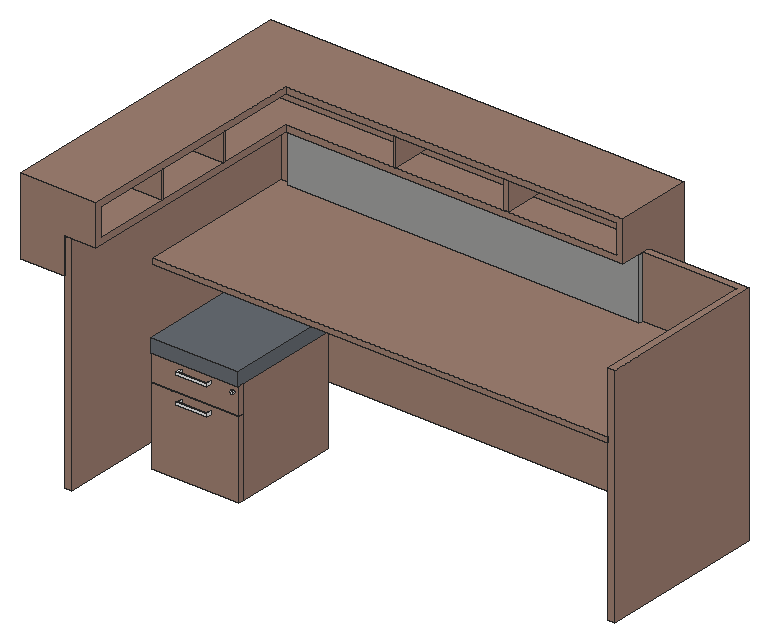
Revit family "T100013", category Furniture, Revit 2022
Family settings
  OmniClass Number = 23.40.20.00
  OmniClass Title = General Furniture and Specialties
  Work Plane-Based = No
  Always vertical = Yes
  Cut with Voids When Loaded = No
  Render Appearance Source = Family Geometry
  Shared = No
  Room Calculation Point = No
Parameters
  Default Elevation = 0' - 0"
Reference planes (in)
  plane 1 "Center Front/Back": y = 0
  plane 2: z = 0
  plane 3 "Center Left/Right": x = 0
Dimensions and locks (in)
  aligned and locked: level to plane 2
Nested families (in)
  nested 1: "OFS ELEMENT INTERIOR TACKBOARD FOR DESK WITH BOX" at (-15.48566, 36.95603, 0), type "ELEMENT INTERIOR TACKBOARD FT1134"
  nested 2: "OFS ELEMENT MOBILE PEDESTAL With Cushion" at (-35.28162, 20.92738, 0), type "ELEMENT MOBILE PEDESTAL With Cushion"
  nested 3: "OFS ELEMENT DESK SHELL WITH TRANSACTION BOX 84in Width" at (-8.04816, 27.38582, 0), type "ELEMENT DESK SHELL WITH TRANSACTION BOX RIGHT 84In"
    with Desk Overlay Option yes
Definition of nested family "OFS ELEMENT INTERIOR TACKBOARD FOR DESK WITH BOX"
  Parameters (values of type "ELEMENT INTERIOR TACKBOARD FT1134")
    Width 2 = 0' - 0 13/128"
    Width = 5' - 2 7/8"
    URL = "http://ofsbrands.com"
    Spacing = 0' - 0 13/128"
    Default Elevation = 0' - 0"
    3 Piece = no
    Depth = 0' - 0 1/2"
    Tackboard Material = none
    Model = "FT1134"
    Manufacturer = "OFS"
    Height = 0' - 10 7/8"
    Description = "OFS BRANDS OFS ELEMENT INTERIOR TACKBOARD FT1134 - Use with EL-B84SL, EL-B84SR, EL-B84LL48, EL-B84RL48, EL-B84LL60, EL-B84RL60, EL-B84LU48,\r\nEL-B84RU48, EL-B84LU60 and EL-B84RU60"
    Copyright © = "© OFS BRANDS 2018"
    Catalog = "http://ofs.com/products/casegoods/reception/element"
    Bottom Board Offset = 2' - 5 1/2"
    Authoring Version = "Autodesk Revit Architecture 2013"
    Assembly Code = "E2020200"
    2 Piece = no
    1 Piece = yes
  Types (11): name | Width 2 | Width | Spacing | 3 Piece | Model | Description | 2 Piece | 1 Piece
    (no name) | 0' - 0 13/128" | 5' - 2 7/8" | 0' - 0 13/128" | no | "FT1134" | "OFS BRANDS OFS ELEMENT INTERIOR TACKBOARD FT1134 - Use with EL-B84SL, EL-B84SR, EL-B84LL48, EL-B84RL48, EL-B84LL60, EL-B84RL60, EL-B84LU48,\r\nEL-B84RU48, EL-B84LU60 and EL-B84RU60" | no | yes
    ELEMENT INTERIOR TACKBOARD FT1131 | 2' - 8 15/16" | 11' - 5 31/32" | 0' - 0 1/16" | no | "FT1131" | "OFS BRANDS OFS ELEMENT INTERIOR TACKBOARD FT1131 - Use with EL-B72DC, Two 32.9375\"W Pieces" | yes | no
    ELEMENT INTERIOR TACKBOARD FT1135 | 0' - 10" | 2' - 8 15/16" | 0' - 0 1/16" | no | "FT1135" | "OFS BRANDS OFS ELEMENT INTERIOR TACKBOARD FT1135 - Use with EL-B72LL48C, EL-B72RL48C, EL-B72LL60C and EL-B72RL60C" | no | yes
    ELEMENT INTERIOR TACKBOARD FT1133 | 0' - 10" | 4' - 2 225/256" | 0' - 0 1/16" | no | "FT1133" | "OFS BRANDS OFS ELEMENT INTERIOR TACKBOARD FT1133 - Use with EL-B72SL, EL-B72SR, EL-B72LL48, EL-B72RL48, EL-B72LL60, EL-B72RL60, EL-B72LU48,\r\nEL-B72RU48, EL-B72LU60 and EL-B72RU60" | no | yes
    ELEMENT INTERIOR TACKBOARD FT1127 | 4' - 2 7/8" | 11' - 5 31/32" | 0' - 0 1/16" | no | "FT1127" | "OFS BRANDS OFS ELEMENT INTERIOR TACKBOARD FT1127 - Two 50.875\"W Pieces, Use with EL-B72D, EL-B72D48 and EL-B72D60" | yes | no
    ELEMENT INTERIOR TACKBOARD FT1129 | 4' - 2 7/8" | 17' - 5 3/4" | 3' - 0" | yes | "FT1129" | "OFS BRANDS OFS ELEMENT INTERIOR TACKBOARD FT1129 - Two 50.875\"W Pieces and One 35.875\"W Piece, Use with EL-B72T, EL-B72T48 and EL-B72T60" | yes | no
    ELEMENT INTERIOR TACKBOARD FT1136 | 0' - 0 13/128" | 3' - 8 15/16" | 0' - 0 13/128" | no | "FT1136" | "OFS BRANDS OFS ELEMENT INTERIOR TACKBOARD FT1136 - Use with EL-B84LL48C, EL-B84RL48C, EL-B84LL60C and EL-B84RL60C" | no | yes
    ELEMENT INTERIOR TACKBOARD FT1132 | 3' - 8 15/16" | 13' - 5 31/32" | 0' - 0 13/128" | no | "FT1132" | "OFS BRANDS OFS ELEMENT INTERIOR TACKBOARD FT1132 - Use with EL-B84DC, Two 44.9375\"W Pieces" | yes | no
    ELEMENT INTERIOR TACKBOARD FT1134 | 0' - 0 13/128" | 5' - 2 7/8" | 0' - 0 13/128" | no | "FT1134" | "OFS BRANDS OFS ELEMENT INTERIOR TACKBOARD FT1134 - Use with EL-B84SL, EL-B84SR, EL-B84LL48, EL-B84RL48, EL-B84LL60, EL-B84RL60, EL-B84LU48,\r\nEL-B84RU48, EL-B84LU60 and EL-B84RU60" | no | yes
    ELEMENT INTERIOR TACKBOARD FT1128 | 5' - 2 7/8" | 13' - 5 3/4" | 0' - 0 1/16" | no | "FT1128" | "OFS BRANDS OFS ELEMENT INTERIOR TACKBOARD FT1128 - Two 62.875\"W Pieces, Use with EL-B84D, EL-B84D48 and EL-B84D60" | yes | no
    ELEMENT INTERIOR TACKBOARD FT1130 | 5' - 2 7/8" | 20' - 5 3/4" | 3' - 0" | yes | "FT1130" | "OFS BRANDS OFS ELEMENT INTERIOR TACKBOARD FT1130 - Two 62.875\"W Pieces and One 47.875\"W Piece, Use with EL-B84T, EL-B84T48 and EL-B84T60" | yes | no
  Reference planes (in)
    plane 1 "Center Front/Back": y = 0
    plane 2: z = 0
    plane 3 "Center Left/Right": x = 0
    plane 4 "Left End": x = -31.4375
    plane 5 "Front End": y = -0.5
    plane 6 "Right End": x = 31.4375
    plane 7 "Height Top": z = 40.375
    plane 8: z = 29.5
    plane 9: x = -31.33594
    plane 10: x = 31.33594
    plane 11: x = -31.23437
    plane 12: x = 31.23438
  Forms (in)
    Extrusion 1, solid, material <- "Tackboard Material", visible <- "1 Piece"
      sketch origin (0, 0, 0) x (1, 0, 0) y (0, 0, 1)
        loop
          line (-31.4375, 40.375) -> (-31.4375, 29.5) -> (31.4375, 29.5) -> (31.4375, 40.375) -> (-31.4375, 40.375)
      from 0 to 0.5
    Extrusion 2, solid, material <- "Tackboard Material", visible <- "2 Piece"
      sketch origin (21.01601, -10.58254, 0) x (1, 0, 0) y (0, 0, 1)
        loop
          line (-52.45351, 40.375) -> (-52.45351, 29.5) -> (-52.35195, 29.5) -> (-52.35195, 40.375) -> (-52.45351, 40.375)
      from -10.58254 to -10.08254
    Extrusion 3, solid, material <- "Tackboard Material", visible <- "2 Piece"
      sketch origin (24.64124, -12.27301, 0) x (1, 0, 0) y (0, 0, 1)
        loop
          line (6.69469, 40.375) -> (6.69469, 29.5) -> (6.79626, 29.5) -> (6.79626, 40.375) -> (6.69469, 40.375)
      from -12.27301 to -11.77301
    Extrusion 4, solid, material <- "Tackboard Material", visible <- "3 Piece"
      sketch origin (31.88948, -14.32657, 0) x (1, 0, 0) y (0, 0, 1)
        loop
          line (-63.12385, 40.375) -> (-63.12385, 29.5) -> (-0.6551, 29.5) -> (-0.6551, 40.375) -> (-63.12385, 40.375)
      from -14.32657 to -13.82657
  Dimensions and locks (in)
    "Height": plane 7 "Height Top" to plane 8
    "Bottom Board Offset": plane 8 to level
    "Depth": plane 5 "Front End" to plane 1 "Center Front/Back"
    equal spacing: plane 4 "Left End", plane 3 "Center Left/Right", plane 6 "Right End"
    "Width": plane 4 "Left End" to plane 6 "Right End"
    "Width 2": plane 4 "Left End" to plane 9
    "Width 2": plane 10 to plane 6 "Right End"
    "Spacing": plane 9 to plane 11
    "Spacing": plane 10 to plane 12
    aligned and locked: level to plane 2
    aligned and locked: Extrusion 1 sketch curve to plane 7 "Height Top"
    aligned and locked: plane 4 "Left End" to Extrusion 1 sketch curve
    aligned and locked: Extrusion 1 sketch curve to plane 8
    aligned and locked: plane 6 "Right End" to Extrusion 1 sketch curve
    aligned and locked: Extrusion 1 to plane 5 "Front End"
    aligned and locked: Extrusion 1 to plane 1 "Center Front/Back"
    aligned and locked: Extrusion 2 to plane 1 "Center Front/Back"
    aligned and locked: Extrusion 2 to plane 4 "Left End"
    aligned and locked: Extrusion 2 to plane 5 "Front End"
    aligned and locked: plane 9 to Extrusion 2
    aligned and locked: Extrusion 3 to plane 1 "Center Front/Back"
    aligned and locked: plane 5 "Front End" to Extrusion 3
    aligned and locked: Extrusion 3 to plane 10
    aligned and locked: Extrusion 3 to plane 6 "Right End"
    aligned and locked: Extrusion 4 to plane 11
    aligned and locked: Extrusion 4 to plane 12
    aligned and locked: Extrusion 4 to plane 1 "Center Front/Back"
    aligned and locked: Extrusion 4 to plane 5 "Front End"
  Automatic sketch dimensions
    Extrusion 2 sketch curve to plane 4 "Left End" = 0' - 0"
    Extrusion 2 sketch curve to plane 8 = 0' - 0"
    Extrusion 2 sketch curve to plane 9 = 0' - 0"
    Extrusion 2 sketch curve to plane 7 "Height Top" = 0' - 0"
    Extrusion 3 sketch curve to plane 8 = 0' - 0"
    Extrusion 3 sketch curve to plane 10 = 0' - 0"
    plane 6 "Right End" to Extrusion 3 sketch curve = 0' - 0"
    Extrusion 3 sketch curve to plane 7 "Height Top" = 0' - 0"
    Extrusion 4 sketch curve to plane 8 = 0' - 0"
    Extrusion 4 sketch curve to plane 7 "Height Top" = 0' - 0"
    plane 11 to Extrusion 4 sketch curve = 0' - 0"
    plane 3 "Center Left/Right" to Extrusion 4 sketch curve = 2' - 7 15/64"
Definition of nested family "OFS ELEMENT MOBILE PEDESTAL With Cushion"
  Parameters (values of type "ELEMENT MOBILE PEDESTAL With Cushion")
    Default Elevation = 0' - 0"
    Cushion Material = none
    Width = 1' - 3 5/8"
    URL = "http://ofsbrands.com"
    Lateral Boads Thickness = 0' - 0 5/8"
    Frontboard Thickness = 0' - 0 3/4"
    Frontboard Space = 0' - 0 1/4"
    Drawer Handles Material = none
    Drawer Handle Width = 0' - 5 7/16"
    Drawer Handle Depth = 0' - 1"
    Drawer 2 Height = 0' - 7"
    Drawer 1 Height = 1' - 2 3/4"
    Door Gap = 0' - 0 1/8"
    Depth = 1' - 8"
    Model = "EL-3120MCPU/D"
    Manufacturer = "OFS"
    Height = 1' - 9 15/16"
    Description = "OFS BRANDS OFS ELEMENT MOBILE PEDESTAL Seat Cushion on Top of Unit"
    Cushion Thickness = 0' - 2 11/32"
    Copyright © = "© OFS BRANDS 2018"
    Chasis Material = none
    Catalog = "http://ofs.com/products/casegoods/reception/element"
    Casters Material = none
    Bottomboard Thickness = 0' - 0 15/16"
    Bottom Board Offset = 0' - 0 7/8"
    Backboard Thickness = 0' - 0 15/16"
    Authoring Version = "Autodesk Revit Architecture 2013"
    Assembly Code = "E2020200"
  Reference planes (in)
    plane 1 "Center Front/Back": y = 0
    plane 2: z = 0
    plane 3 "Center Left/Right": x = 0
    plane 4 "Left End": x = -7.8125
    plane 5 "Front End": y = -20
    plane 6 "Right End": x = 7.8125
    plane 7 "Height Top": z = 21.9375
    plane 8: z = 0.875
    plane 9: y = -0.9375
    plane 10: y = -19.75
    plane 11: x = 7.1875
    plane 12: x = -7.1875
    plane 13: y = -19
    plane 14: z = 1.8125
    plane 15: z = 19.59375
    plane 16: x = 0
    plane 17: x = -2.71875
    plane 18: x = 2.71875
    plane 19: y = -20.75
    plane 20: y = -22.31418
    plane 21: x = -2.46875
    plane 22: y = -20.5
    plane 23: x = 2.46875
    plane 24: z = 18.59375
    plane 25: z = 18.09375
    plane 26: z = 14.75
    plane 27: z = 14.625
    plane 28: z = 13.75
    plane 29: z = 13.25
    plane 30: z = 2.75
  Forms (in)
    Extrusion 1, solid, material <- "Chasis Material"
      sketch origin (-3.125, -5.41266, 0) x (1, 0, 0) y (0, 1, 0)
        loop
          line (-4.6875, 5.41266) -> (-4.6875, -13.58734) -> (-4.0625, -13.58734) -> (-4.0625, 5.41266) -> (-4.6875, 5.41266)
      from 0.875 to 19.59375
    Extrusion 2, solid, material <- "Chasis Material"
      sketch origin (37.875, -5.41266, 0) x (1, 0, 0) y (0, 1, 0)
        loop
          line (-30.6875, 5.41266) -> (-30.6875, -13.58734) -> (-30.0625, -13.58734) -> (-30.0625, 5.41266) -> (-30.6875, 5.41266)
      from 0.875 to 19.59375
    Extrusion 3, solid, material <- "Chasis Material"
      sketch origin (-5.10739, -10.02382, 0) x (1, 0, 0) y (0, 1, 0)
        loop
          line (-2.70511, -8.97618) -> (-2.70511, -9.72618) -> (12.91989, -9.72618) -> (12.91989, -8.97618) -> (-2.70511, -8.97618)
      from 0.875 to 14.625
    Extrusion 4, solid, material <- "Chasis Material"
      sketch origin (0, 0, 0) x (1, 0, 0) y (0, 1, 0)
        loop
          line (-7.1875, -0.9375) -> (-7.1875, -19) -> (7.1875, -19) -> (7.1875, -0.9375) -> (-7.1875, -0.9375)
      from 2.75 to 1.8125
    Extrusion 5, solid, material <- "Drawer Handles Material"
      sketch origin (7.8125, 0, 0) x (1, 0, 0) y (0, 1, 0)
        loop
          line (-10.53125, -19.75) -> (-10.53125, -20.75) -> (-5.09375, -20.75) -> (-5.09375, -19.75) -> (-5.34375, -19.75) -> (-5.34375, -20.5) -> (-10.28125, -20.5) -> (-10.28125, -19.75) -> (-10.53125, -19.75)
      from 18.09375 to 18.59375
    Extrusion 6, solid, material <- "Drawer Handles Material"
      sketch origin (7.8125, 0, -14.3125) x (1, 0, 0) y (0, 1, 0)
        loop
          line (-10.53125, -19.75) -> (-10.53125, -20.75) -> (-5.09375, -20.75) -> (-5.09375, -19.75) -> (-5.34375, -19.75) -> (-5.34375, -20.5) -> (-10.28125, -20.5) -> (-10.28125, -19.75) -> (-10.53125, -19.75)
      from 27.5625 to 28.0625
    Extrusion 7, solid, material <- "Chasis Material"
      sketch origin (-18.01928, -10.02382, 13.32115) x (-1, 0, 0) y (0, -1, 0)
        loop
          line (-25.83178, 8.97618) -> (-10.20678, 8.97618) -> (-10.20678, 9.72618) -> (-25.83178, 9.72618) -> (-25.83178, 8.97618)
      from 1.42885 to 6.2726
    Extrusion 8, solid, material <- "Cushion Material"
      sketch origin (0, 0, 0) x (1, 0, 0) y (0, 1, 0)
        loop
          line (-7.8125, 0) -> (-7.8125, -20) -> (7.8125, -20) -> (7.8125, 0) -> (-7.8125, 0)
      from 19.59375 to 21.9375
    Extrusion 9, solid, material <- "Chasis Material"
      sketch origin (0, 0, 0) x (1, 0, 0) y (0, 1, 0)
        loop
          line (-7.1875, 0) -> (-7.1875, -0.9375) -> (7.1875, -0.9375) -> (7.1875, 0) -> (-7.1875, 0)
      from 0.875 to 19.59375
    Blend 10, solid, material <- "Drawer Handles Material"
      base sketch origin (-45.22131, 2, -1.98288) x (1, 0, 0) y (0, 0, 1)
        loop
          circle (51.8743, 20.26563) r 0.31101
      top sketch origin (-45.22131, 2, -1.98288) x (1, 0, 0) y (0, 0, 1)
        loop
          circle (51.8743, 20.26563) r 0.25
      from 21.75 to 22
    Extrusion 11, solid, material <- "Casters Material"
      sketch origin (0, 13.08827, 0) x (0, 1, 0) y (0, 0, 1)
        loop
          circle (-15.68394, 0.875) r 0.875
      from 6.33656 to 6.83536
    Extrusion 12, solid, material <- "Casters Material"
      sketch origin (12.12805, 13.08827, 0) x (0, 1, 0) y (0, 0, -1)
        loop
          circle (-15.68394, -0.875) r 0.875
      from 6.33656 to 6.83536
    Extrusion 13, solid, material <- "Casters Material"
      sketch origin (0, -1.93467, 0) x (0, 1, 0) y (0, 0, 1)
        loop
          circle (-15.68394, 0.875) r 0.875
      from 6.33656 to 6.83536
    Extrusion 14, solid, material <- "Casters Material"
      sketch origin (12.12805, -1.93467, 0) x (0, 1, 0) y (0, 0, -1)
        loop
          circle (-15.68394, -0.875) r 0.875
      from 6.33656 to 6.83536
    Extrusion 15, solid, material <- "Casters Material"
      sketch origin (0, 13.08827, 0) x (0, 1, 0) y (0, 0, -1)
        loop
          circle (-15.68394, -0.875) r 0.875
      from 6.33656 to 6.83536
    Extrusion 16, solid, material <- "Casters Material"
      sketch origin (-12.12805, 13.08827, 0) x (0, 1, 0) y (0, 0, 1)
        loop
          circle (-15.68394, 0.875) r 0.875
      from 6.33656 to 6.83536
    Extrusion 17, solid, material <- "Casters Material"
      sketch origin (0, -1.93467, 0) x (0, 1, 0) y (0, 0, -1)
        loop
          circle (-15.68394, -0.875) r 0.875
      from 6.33656 to 6.83536
    Extrusion 18, solid, material <- "Casters Material"
      sketch origin (-12.12805, -1.93467, 0) x (0, 1, 0) y (0, 0, 1)
        loop
          circle (-15.68394, 0.875) r 0.875
      from 6.33656 to 6.83536
  Dimensions and locks (in)
    "Height": plane 7 "Height Top" to level
    "Bottom Board Offset": plane 8 to level
    "Depth": plane 5 "Front End" to plane 1 "Center Front/Back"
    equal spacing: plane 4 "Left End", plane 3 "Center Left/Right", plane 6 "Right End"
    "Width": plane 4 "Left End" to plane 6 "Right End"
    "Backboard Thickness": plane 9 to plane 1 "Center Front/Back"
    "Frontboard Space": plane 10 to plane 5 "Front End"
    "Lateral Boads Thickness": plane 4 "Left End" to plane 12
    "Lateral Boads Thickness": plane 11 to plane 6 "Right End"
    "Frontboard Thickness": plane 13 to plane 10
    "Bottomboard Thickness": plane 14 to plane 8
    "Cushion Thickness": plane 7 "Height Top" to plane 15
    equal spacing: plane 17, plane 16, plane 18
    "Drawer Handle Width": plane 17 to plane 18
    "Drawer Handle Depth": plane 10 to plane 19
    locked: plane 17 to plane 21 at 0.25
    locked: plane 22 to plane 19 at 0.25
    locked: plane 18 to plane 23 at 0.25
    locked: plane 15 to plane 24 at 1
    locked: plane 24 to plane 25 at 0.5
    "Drawer 1 Height": plane 26 to level
    "Door Gap": plane 26 to plane 27
    locked: plane 26 to plane 28 at 1
    locked: plane 28 to plane 29 at 0.5
    "Bottomboard Thickness": plane 30 to plane 14
    aligned and locked: level to plane 2
    aligned and locked: Extrusion 1 to plane 4 "Left End"
    aligned and locked: Extrusion 1 to plane 12
    aligned and locked: Extrusion 1 to plane 1 "Center Front/Back"
    aligned and locked: Extrusion 1 to plane 13
    aligned and locked: Extrusion 2 to plane 1 "Center Front/Back"
    aligned and locked: Extrusion 2 to plane 13
    aligned and locked: plane 11 to Extrusion 2
    aligned and locked: Extrusion 2 to plane 6 "Right End"
    aligned and locked: Extrusion 3 to plane 10
    aligned and locked: plane 13 to Extrusion 3
    aligned and locked: Extrusion 3 to plane 4 "Left End"
    aligned and locked: Extrusion 1 to plane 15
    aligned and locked: Extrusion 2 to plane 15
    aligned and locked: Extrusion 3 to plane 8
    aligned and locked: Extrusion 4 sketch curve to plane 9
    aligned and locked: Extrusion 4 sketch curve to plane 12
    aligned and locked: plane 11 to Extrusion 4 sketch curve
    aligned and locked: plane 13 to Extrusion 4 sketch curve
    aligned and locked: plane 14 to Extrusion 4
    aligned and locked: Extrusion 5 sketch curve to plane 17
    aligned and locked: Extrusion 5 sketch curve to plane 10  (x2)
    aligned and locked: Extrusion 5 sketch curve to plane 22
    aligned and locked: Extrusion 5 sketch curve to plane 18
    aligned and locked: plane 23 to Extrusion 5 sketch curve
    aligned and locked: plane 24 to Extrusion 5
    aligned and locked: Extrusion 5 to plane 25
    aligned and locked: plane 28 to Extrusion 6
    aligned and locked: Extrusion 6 to plane 29
    aligned and locked: plane 27 to Extrusion 3
    aligned and locked: Extrusion 7 to plane 15
    aligned and locked: Extrusion 7 to plane 6 "Right End"
    aligned and locked: Extrusion 3 to plane 6 "Right End"
    aligned and locked: plane 16 to plane 3 "Center Left/Right"
    aligned and locked: plane 5 "Front End" to Extrusion 8 sketch curve
    aligned and locked: plane 1 "Center Front/Back" to Extrusion 8 sketch curve
    aligned and locked: plane 6 "Right End" to Extrusion 8 sketch curve
    aligned and locked: plane 4 "Left End" to Extrusion 8 sketch curve
    aligned and locked: plane 15 to Extrusion 8
    aligned and locked: plane 7 "Height Top" to Extrusion 8
    aligned and locked: Extrusion 1 to plane 8
    aligned and locked: Extrusion 2 to plane 8
    aligned and locked: plane 1 "Center Front/Back" to Extrusion 9 sketch curve
    aligned and locked: plane 9 to Extrusion 9 sketch curve
    aligned and locked: Extrusion 9 sketch curve to plane 12
    aligned and locked: plane 11 to Extrusion 9 sketch curve
    aligned and locked: Extrusion 9 to plane 8
    aligned and locked: Extrusion 9 to plane 15
    aligned and locked: plane 30 to Extrusion 4
    aligned and locked: Extrusion 7 to plane 26
  Automatic sketch dimensions
    Extrusion 1 sketch curve to plane 4 "Left End" = 0' - 0"
    Extrusion 1 sketch curve to plane 12 = 0' - 0"
    Extrusion 1 sketch curve to plane 13 = 0' - 0"
    plane 1 "Center Front/Back" to Extrusion 1 sketch curve = 0' - 0"
    Extrusion 2 sketch curve to plane 11 = 0' - 0"
    Extrusion 2 sketch curve to plane 6 "Right End" = 0' - 0"
    Extrusion 2 sketch curve to plane 13 = 0' - 0"
    plane 1 "Center Front/Back" to Extrusion 2 sketch curve = 0' - 0"
    Extrusion 3 sketch curve to plane 4 "Left End" = 0' - 0"
    Extrusion 3 sketch curve to plane 6 "Right End" = 0' - 0"
    Extrusion 3 sketch curve to plane 10 = 0' - 0"
    Extrusion 3 sketch curve to plane 13 = 0' - 0"
    Extrusion 5 sketch curve to plane 21 = 0' - 0"
    Extrusion 5 sketch curve to plane 19 = 0' - 0"
    Extrusion 6 sketch curve to plane 10 = 0' - 0"  (x2)
    Extrusion 6 sketch curve to plane 17 = 0' - 0"
    Extrusion 6 sketch curve to plane 21 = 0' - 0"
    Extrusion 6 sketch curve to plane 23 = 0' - 0"
    Extrusion 6 sketch curve to plane 18 = 0' - 0"
    Extrusion 6 sketch curve to plane 19 = 0' - 0"
    plane 22 to Extrusion 6 sketch curve = 0' - 0"
    Extrusion 7 sketch curve to plane 6 "Right End" = 0' - 0"
    Extrusion 7 sketch curve to plane 4 "Left End" = 0' - 0"
    Extrusion 7 sketch curve to plane 13 = 0' - 0"
    Extrusion 7 sketch curve to plane 10 = 0' - 0"
    plane 11 to Blend 10 sketch curve = 0' - 0.53451"  (x2)
    Extrusion 11 sketch curve to plane 8 = 0' - 0"
    Extrusion 11 sketch curve to plane 9 = 0' - 1.65816"
    Extrusion 12 sketch curve to plane 8 = 0' - 0"
    Extrusion 12 sketch curve to plane 9 = 0' - 1.65816"
    Extrusion 13 sketch curve to plane 8 = 0' - 0"
    plane 13 to Extrusion 13 sketch curve = 0' - 1.38139"
    Extrusion 14 sketch curve to plane 8 = 0' - 0"
    plane 13 to Extrusion 14 sketch curve = 0' - 1.38139"
    Extrusion 15 sketch curve to plane 8 = 0' - 0"
    Extrusion 15 sketch curve to plane 9 = 0' - 1.65816"
    Extrusion 16 sketch curve to plane 8 = 0' - 0"
    Extrusion 16 sketch curve to plane 9 = 0' - 1.65816"
    Extrusion 17 sketch curve to plane 8 = 0' - 0"
    plane 13 to Extrusion 17 sketch curve = 0' - 1.38139"
    Extrusion 18 sketch curve to plane 8 = 0' - 0"
    plane 13 to Extrusion 18 sketch curve = 0' - 1.38139"
    plane 25 to Blend 10 sketch curve = 0' - 0.18899"  (x2)
    radius of Blend 10 sketch curve = 0' - 0.31101"
    radius of Blend 10 sketch curve = 0' - 0 1/4"
    radius of Extrusion 11 sketch curve = 0' - 0 7/8"
    radius of Extrusion 12 sketch curve = 0' - 0 7/8"
    radius of Extrusion 13 sketch curve = 0' - 0 7/8"
    radius of Extrusion 14 sketch curve = 0' - 0 7/8"
    radius of Extrusion 15 sketch curve = 0' - 0 7/8"
    radius of Extrusion 16 sketch curve = 0' - 0 7/8"
    radius of Extrusion 17 sketch curve = 0' - 0 7/8"
    radius of Extrusion 18 sketch curve = 0' - 0 7/8"
Definition of nested family "OFS ELEMENT DESK SHELL WITH TRANSACTION BOX 84in Width"
  Parameters (values of type "ELEMENT DESK SHELL WITH TRANSACTION BOX RIGHT 84In")
    Worksurface Material = none
    Worksurface Height = 2' - 5 1/2"
    Width = 7' - 0"
    URL = "http://www.ofsbrands.com/"
    Transaction Shelf Material = none
    Table Depth = 1' - 1 1/2"
    Right Return Desk Option = no
    Return Worksurface Width = 1' - 10"
    Model = "EL-B84SR"
    Manufacturer = "OFS"
    Left Return Desk Option = yes
    Lateral Board Thickness = 0' - 1 3/16"
    Height = 3' - 11 3/4"
    Standoffs Material = none
    Groomet Material = none
    Desk Overlay Thickness = 0' - 0 1/8"
    Desk Overlay Option [instance] = yes
    Desk Overlay Material = none
    Desk Overlay = 0' - 6 1/2"
    Desk Height = 3' - 4 1/2"
    Description = "OFS BRANDS OFS ELEMENT DESK SHELL WITH TRANSACTION BOX RIGHT 84In, 18\"W Opening on Approach"
    Desk Depth = 3' - 2"
    Depth = 4' - 8"
    Default Elevation = 0' - 0"
    Copyright © = "© 2018 OFS BRANDS"
    Catalog = "http://ofs.com/products/casegoods/reception/element"
    Box Material = none
    Box L = 1' - 6"
    Box Depth = 0' - 8"
    Box D = 0' - 0"
    Bottom Board Offset = 0' - 0"
    Chassis Material = none
    Base Depth = 2' - 6"
    Back Board Thickness = 0' - 1 3/16"
    Authoring Version = "Autodesk Revit Architecture 2013"
    Assembly Code = "E2020200"
  Types (3): name | Right Return Desk Option | Model | Left Return Desk Option | Description
    (no name) | no | "EL-B84SR" | yes | "OFS BRANDS OFS ELEMENT DESK SHELL WITH TRANSACTION BOX RIGHT 84In, 18\"W Opening on Approach"
    ELEMENT DESK SHELL WITH TRANSACTION BOX RIGHT 84In | no | "EL-B84SR" | yes | "OFS BRANDS OFS ELEMENT DESK SHELL WITH TRANSACTION BOX RIGHT 84In, 18\"W Opening on Approach"
    ELEMENT DESK SHELL WITH TRANSACTION BOX LEFT 84In | yes | "EL-B84SL" | no | "OFS BRANDS OFS ELEMENT DESK SHELL WITH TRANSACTION BOX LEFT 84In, 18\"W Opening on Approach"
  Reference planes (in)
    plane 1 "Center Front/Back": y = 0
    plane 2: z = 0
    plane 3 "Center Left/Right": x = 0
    plane 4 "Back External": y = 19
    plane 5 "Right External": x = 42
    plane 6 "Front External": y = -19
    plane 7 "Left External": x = -42
    plane 8 "Seat Height": z = 29.5
    plane 9 "Height": z = 47.75
    plane 10: x = 40.8125
    plane 11: x = -40.8125
    plane 12: y = 11
    plane 13: y = 9.8125
    plane 14: y = 5.5
    plane 15: z = 40.5
    plane 16: z = 28.5
    plane 17: z = 46.625
    plane 18: z = 0
    plane 19: x = 35.5
    plane 20: x = -35.5
    plane 21: z = 6.5
    plane 22: z = 34
    plane 23: y = 11.125
    plane 24: y = -37
    plane 25: x = -20
    plane 26: x = 20
    plane 27: y = -35.8125
    plane 28: x = -37
    plane 29: x = 37
    plane 30: x = -24
    plane 31: x = 50
    plane 32: x = -50
    plane 33: x = -36.5
    plane 34: x = 36.5
    plane 35: x = 24
    plane 36: y = -37
    plane 37: y = -35.8125
    plane 38: x = 48.8125
    plane 39: x = -48.8125
    plane 40: x = -22.8125
    plane 41: x = 22.8125
    plane 42: z = 41.625
    plane 43: y = 17.8125
    plane 44: y = -8.27083
    plane 45: y = -22.04167
    plane 46: x = -3.04167
    plane 47: x = 16.72917
    plane 48: x = 3.04167
    plane 49: x = -16.72917
  Forms (in)
    Extrusion 1, solid, material <- "Worksurface Material"
      sketch origin (0, 0, 0) x (1, 0, 0) y (0, 1, 0)
        loop
          line (-40.8125, 9.8125) -> (-40.8125, -19) -> (40.8125, -19) -> (40.8125, 9.8125) -> (-40.8125, 9.8125)
      from 28.5 to 29.5
    Extrusion 2, solid, material <- "Chassis Material", visible <- "Right Return Desk Option"
      sketch origin (0, 0, 0) x (1, 0, 0) y (0, 1, 0)
        loop
          line (-42, -19) -> (-40.8125, -19) -> (-40.8125, 9.8125) -> (40.8125, 9.8125) -> (40.8125, -19) -> (42, -19) -> (42, 11) -> (-42, 11) -> (-42, -19)
      from 0 to 40.5
    Extrusion 3, solid, material <- "Box Material", visible <- "Right Return Desk Option"
      sketch origin (0, 0, 6) x (1, 0, 0) y (0, 1, 0)
        loop
          line (-24, 19) -> (-24, 5.5) -> (36.5, 5.5) -> (36.5, -37) -> (50, -37) -> (50, 19) -> (-24, 19)
      from 40.625 to 41.75
    Extrusion 4, solid, material <- "Desk Overlay Material", visible <- "Desk Overlay Option"
      sketch origin (0, 0, 0) x (1, 0, 0) y (0, 0, 1)
        loop
          line (35.5, 34) -> (-35.5, 34) -> (-35.5, 6.5) -> (35.5, 6.5) -> (35.5, 34)
      from -11.125 to -11
    Extrusion 5, solid, material <- "Chassis Material", visible <- "Left Return Desk Option"
      sketch origin (0, 0, 0) x (1, 0, 0) y (0, 1, 0)
        loop
          line (-42, -19) -> (-42, -37) -> (-40.8125, -37) -> (-40.8125, -19) -> (-42, -19)
      from 0 to 40.5
    Extrusion 6, solid, material <- "Chassis Material", visible <- "Right Return Desk Option"
      sketch origin (0, 0, 0) x (-1, 0, 0) y (0, -1, 0)
        loop
          line (-42, 19) -> (-40.8125, 19) -> (-40.8125, 37) -> (-42, 37) -> (-42, 19)
      from 0 to 40.5
    Extrusion 7, solid, material <- "Box Material", visible <- "Left Return Desk Option"
      sketch origin (0, 0, 6) x (-1, 0, 0) y (0, -1, 0)
        loop
          line (-24, -19) -> (50, -19) -> (50, 37) -> (36.5, 37) -> (36.5, -5.5) -> (-24, -5.5) -> (-24, -19)
      from 40.625 to 41.75
    Extrusion 8, solid, material <- "Box Material", visible <- "Left Return Desk Option"
      sketch origin (22, -38, 6) x (-1, 0, 0) y (0, -1, 0)
        loop
          line (-2, -49) -> (64, -49) -> (64, -1) -> (58.5, -1) -> (58.5, -43.5) -> (-2, -43.5) -> (-2, -49)
      from 34.5 to 35.625
    Extrusion 9, solid, material <- "Box Material", visible <- "Right Return Desk Option"
      sketch origin (-22, -38, 6) x (1, 0, 0) y (0, 1, 0)
        loop
          line (-2, 49) -> (-2, 43.5) -> (58.5, 43.5) -> (58.5, 1) -> (64, 1) -> (64, 49) -> (-2, 49)
      from 34.5 to 35.625
    Extrusion 10, solid, material <- "Box Material", visible <- "Right Return Desk Option"
      sketch origin (0, 0, 0) x (1, 0, 0) y (0, 1, 0)
        loop
          line (-24, 19) -> (-24, 17.8125) -> (48.8125, 17.8125) -> (48.8125, -37) -> (50, -37) -> (50, 19) -> (-24, 19)
      from 34 to 47.75
    Extrusion 11, solid, material <- "Box Material", visible <- "Left Return Desk Option"
      sketch origin (0, 0, 0) x (-1, 0, 0) y (0, -1, 0)
        loop
          line (-24, -19) -> (50, -19) -> (50, 37) -> (48.8125, 37) -> (48.8125, -17.8125) -> (-24, -17.8125) -> (-24, -19)
      from 34 to 47.75
    Extrusion 12, solid, material <- "Box Material", visible <- "Left Return Desk Option"
      sketch origin (0, 0, 0) x (1, 0, 0) y (0, 0, 1)
        loop
          line (-48.8125, 46.625) -> (-48.8125, 34) -> (-42, 34) -> (-42, 41.625) -> (-36.5, 41.625) -> (-36.5, 46.625) -> (-48.8125, 46.625)
      from 35.8125 to 37
    Extrusion 13, solid, material <- "Box Material", visible <- "Right Return Desk Option"
      sketch origin (0, 0, 0) x (-1, 0, 0) y (0, 0, -1)
        loop
          line (-48.8125, -46.625) -> (-36.5, -46.625) -> (-36.5, -41.625) -> (-42, -41.625) -> (-42, -34) -> (-48.8125, -34) -> (-48.8125, -46.625)
      from 35.8125 to 37
    Extrusion 14, solid, material <- "Box Material", visible <- "Right Return Desk Option"
      sketch origin (0, 5.66667, 0) x (1, 0, 0) y (0, 1, 0)
        loop
          line (36.5, -13.8125) -> (36.5, -14.0625) -> (48.8125, -14.0625) -> (48.8125, -13.8125) -> (36.5, -13.8125)
      from 41.625 to 46.625
    Extrusion 15, solid, material <- "Box Material", visible <- "Right Return Desk Option"
      sketch origin (0, -6.66667, 0) x (1, 0, 0) y (0, 1, 0)
        loop
          line (36.5, -15.25) -> (36.5, -15.5) -> (48.8125, -15.5) -> (48.8125, -15.25) -> (36.5, -15.25)
      from 41.625 to 46.625
    Extrusion 16, solid, material <- "Box Material", visible <- "Left Return Desk Option"
      sketch origin (0, 5.66667, 0) x (-1, 0, 0) y (0, -1, 0)
        loop
          line (36.5, 13.8125) -> (48.8125, 13.8125) -> (48.8125, 14.0625) -> (36.5, 14.0625) -> (36.5, 13.8125)
      from 41.625 to 46.625
    Extrusion 17, solid, material <- "Box Material", visible <- "Left Return Desk Option"
      sketch origin (0, -6.66667, 0) x (-1, 0, 0) y (0, -1, 0)
        loop
          line (36.5, 15.25) -> (48.8125, 15.25) -> (48.8125, 15.5) -> (36.5, 15.5) -> (36.5, 15.25)
      from 41.625 to 46.625
    Extrusion 18, solid, material <- "Box Material", visible <- "Right Return Desk Option"
      sketch origin (1.16497, -1.66375, 0) x (1, 0, 0) y (0, 1, 0)
        loop
          line (15.58503, 19.47625) -> (15.58503, 7.16375) -> (15.9392, 7.16375) -> (15.9392, 19.47625) -> (15.58503, 19.47625)
      from 41.625 to 46.625
    Extrusion 19, solid, material <- "Box Material", visible <- "Right Return Desk Option"
      sketch origin (-14.60586, -1.66375, 0) x (1, 0, 0) y (0, 1, 0)
        loop
          line (11.1892, 19.47625) -> (11.1892, 7.16375) -> (11.9392, 7.16375) -> (11.9392, 19.47625) -> (11.1892, 19.47625)
      from 41.625 to 46.625
    Extrusion 20, solid, material <- "Box Material", visible <- "Left Return Desk Option"
      sketch origin (-1.16497, -1.66375, 0) x (-1, 0, 0) y (0, -1, 0)
        loop
          line (15.58503, -19.47625) -> (15.9392, -19.47625) -> (15.9392, -7.16375) -> (15.58503, -7.16375) -> (15.58503, -19.47625)
      from 41.625 to 46.625
    Extrusion 21, solid, material <- "Box Material", visible <- "Left Return Desk Option"
      sketch origin (14.60586, -1.66375, 0) x (-1, 0, 0) y (0, -1, 0)
        loop
          line (11.1892, -19.47625) -> (11.9392, -19.47625) -> (11.9392, -7.16375) -> (11.1892, -7.16375) -> (11.1892, -19.47625)
      from 41.625 to 46.625
    Extrusion 22, solid, material <- "Box Material", visible <- "Right Return Desk Option"
      sketch origin (-3.41497, -1.91375, 0) x (-1, 0, 0) y (0, -1, 0)
        loop
          line (19.39753, -19.72625) -> (20.58503, -19.72625) -> (20.58503, -7.41375) -> (19.39753, -7.41375) -> (19.39753, -19.72625)
      from 41.625 to 46.625
    Extrusion 23, solid, material <- "Box Material", visible <- "Left Return Desk Option"
      sketch origin (2.66497, -1.91375, 0) x (1, 0, 0) y (0, 1, 0)
        loop
          line (20.14753, 19.72625) -> (20.14753, 7.41375) -> (21.33503, 7.41375) -> (21.33503, 19.72625) -> (20.14753, 19.72625)
      from 41.625 to 46.625
    Extrusion 24, solid, material <- "Box Material", visible <- "Right Return Desk Option"
      sketch origin (-3.41497, -1.91375, 0) x (-1, 0, 0) y (0, -1, 0)
        loop
          line (19.39753, -19.72625) -> (20.58503, -19.72625) -> (20.58503, -12.91375) -> (19.39753, -12.91375) -> (19.39753, -19.72625)
      from 34 to 41.625
    Extrusion 25, solid, material <- "Box Material", visible <- "Left Return Desk Option"
      sketch origin (38.58503, -1.91375, 0) x (-1, 0, 0) y (0, -1, 0)
        loop
          line (14.58503, -19.72625) -> (15.77253, -19.72625) -> (15.77253, -12.91375) -> (14.58503, -12.91375) -> (14.58503, -19.72625)
      from 34 to 41.625
    Extrusion 26, solid, material <- "Chassis Material", visible <- "Left Return Desk Option"
      sketch origin (0, 0, 0) x (-1, 0, 0) y (0, -1, 0)
        loop
          line (-42, 19) -> (-42, -11) -> (42, -11) -> (42, 19) -> (40.8125, 19) -> (40.8125, -9.8125) -> (-40.8125, -9.8125) -> (-40.8125, 19) -> (-42, 19)
      from 0 to 40.5
  Cuts and joins
    joined: Extrusion 7, Extrusion 8, Extrusion 11, Extrusion 12, Extrusion 23, Extrusion 25
    joined: Extrusion 3, Extrusion 9, Extrusion 10, Extrusion 13, Extrusion 22, Extrusion 24
    joined: Extrusion 5, Extrusion 26
    joined: Extrusion 2, Extrusion 6
  Dimensions and locks (in)
    equal spacing: plane 7 "Left External", plane 3 "Center Left/Right", plane 5 "Right External"
    "Width": plane 7 "Left External" to plane 5 "Right External"
    equal spacing: plane 6 "Front External", plane 1 "Center Front/Back", plane 4 "Back External"
    "Desk Depth": plane 4 "Back External" to plane 6 "Front External"
    "Worksurface Height": plane 8 "Seat Height" to level
    "Height": plane 9 "Height" to level
    "Lateral Board Thickness": plane 7 "Left External" to plane 11
    "Lateral Board Thickness": plane 10 to plane 5 "Right External"
    "Base Depth": plane 12 to plane 6 "Front External"
    "Back Board Thickness": plane 12 to plane 13
    "Table Depth": plane 4 "Back External" to plane 14
    "Desk Height": plane 15 to level
    "Bottom Board Offset": plane 18 to level
    "Desk Overlay": plane 5 "Right External" to plane 19
    "Desk Overlay": plane 20 to plane 7 "Left External"
    plane 20 to plane 19 = 5' - 11"
    "Desk Overlay": plane 22 to plane 15
    "Desk Overlay": plane 18 to plane 21
    "Desk Overlay Thickness": plane 23 to plane 12
    "Depth": plane 4 "Back External" to plane 24
    "Return Worksurface Width": plane 7 "Left External" to plane 25
    "Return Worksurface Width": plane 26 to plane 5 "Right External"
    "Back Board Thickness": plane 27 to plane 24
    locked: plane 7 "Left External" to plane 28 at 5
    locked: plane 29 to plane 5 "Right External" at 5
    locked: plane 9 "Height" to plane 17 at 1.125
    locked: plane 8 "Seat Height" to plane 16 at 1
    "Box Depth": plane 5 "Right External" to plane 31
    "Box Depth": plane 7 "Left External" to plane 32
    "Table Depth": plane 32 to plane 33
    "Table Depth": plane 31 to plane 34
    "Box L": plane 7 "Left External" to plane 30
    "Box L": plane 5 "Right External" to plane 35
    "Box D": plane 36 to plane 24
    "Back Board Thickness": plane 37 to plane 36
    "Back Board Thickness": plane 38 to plane 31
    "Back Board Thickness": plane 39 to plane 32
    "Back Board Thickness": plane 30 to plane 40
    "Back Board Thickness": plane 41 to plane 35
    locked: plane 42 to plane 15 at 1.125
    "Back Board Thickness": plane 4 "Back External" to plane 43
    equal spacing: plane 14, plane 44, plane 45, plane 37
    equal spacing: plane 40, plane 46, plane 47, plane 34
    equal spacing: plane 41, plane 48, plane 49, plane 33
    aligned and locked: level to plane 2
    aligned and locked: Extrusion 1 sketch curve to plane 13
    aligned and locked: Extrusion 1 sketch curve to plane 11
    aligned and locked: Extrusion 1 sketch curve to plane 6 "Front External"
    aligned and locked: Extrusion 1 sketch curve to plane 10
    aligned and locked: plane 7 "Left External" to Extrusion 2 sketch curve
    aligned and locked: Extrusion 2 sketch curve to Extrusion 1  (x3)
    aligned and locked: Extrusion 2 sketch curve to plane 12
    aligned and locked: plane 5 "Right External" to Extrusion 2 sketch curve
    aligned and locked: Extrusion 1 to Extrusion 2 sketch curve
    aligned and locked: Extrusion 2 sketch curve to plane 13
    aligned and locked: Extrusion 2 to plane 18
    aligned and locked: Extrusion 1 to plane 16
    aligned and locked: Extrusion 1 to plane 8 "Seat Height"
    aligned and locked: Extrusion 3 to plane 14
    aligned and locked: Extrusion 3 to plane 4 "Back External"
    aligned and locked: Extrusion 3 to plane 9 "Height"
    aligned and locked: Extrusion 3 to plane 17
    aligned and locked: Extrusion 4 sketch curve to plane 22
    aligned and locked: Extrusion 4 sketch curve to plane 19
    aligned and locked: Extrusion 4 sketch curve to plane 21
    aligned and locked: Extrusion 4 sketch curve to plane 20
    aligned and locked: Extrusion 4 to plane 12
    aligned and locked: Extrusion 4 to plane 23
    aligned and locked: plane 24 to Extrusion 5 sketch curve
    aligned and locked: Extrusion 5 sketch curve to plane 6 "Front External"
    aligned and locked: Extrusion 6 to plane 6 "Front External"
    aligned and locked: Extrusion 6 to plane 10
    aligned and locked: plane 5 "Right External" to Extrusion 6
    aligned and locked: Extrusion 6 to plane 24
    aligned and locked: Extrusion 5 to plane 18
    aligned and locked: plane 18 to Extrusion 6
    aligned and locked: Extrusion 6 to plane 15
    aligned and locked: plane 15 to Extrusion 5
    aligned and locked: plane 31 to Extrusion 3 sketch curve
    aligned and locked: plane 34 to Extrusion 3 sketch curve
    aligned and locked: plane 36 to Extrusion 3 sketch curve
    aligned and locked: Extrusion 3 sketch curve to plane 30
    aligned and locked: plane 9 "Height" to Extrusion 7
    aligned and locked: Extrusion 7 to plane 17
    aligned and locked: Extrusion 2 to plane 15
    aligned and locked: Extrusion 8 to plane 7 "Left External"
    aligned and locked: Extrusion 8 to plane 33
    aligned and locked: Extrusion 8 to plane 14
    aligned and locked: Extrusion 8 to plane 35
    aligned and locked: Extrusion 8 to plane 36
    aligned and locked: Extrusion 8 to plane 15
    aligned and locked: plane 42 to Extrusion 8
    aligned and locked: Extrusion 9 to plane 15
    aligned and locked: Extrusion 9 to plane 42
    aligned and locked: plane 36 to Extrusion 10 sketch curve
    aligned and locked: plane 31 to Extrusion 10 sketch curve
    aligned and locked: Extrusion 10 sketch curve to plane 38
    aligned and locked: plane 9 "Height" to Extrusion 11
    aligned and locked: Extrusion 11 to plane 35
    aligned and locked: Extrusion 10 to plane 30
    aligned and locked: plane 39 to Extrusion 12 sketch curve
    aligned and locked: Extrusion 12 sketch curve to plane 17
    aligned and locked: plane 42 to Extrusion 12 sketch curve
    aligned and locked: Extrusion 12 sketch curve to plane 7 "Left External"
    aligned and locked: Extrusion 12 to plane 33
    aligned and locked: plane 37 to Extrusion 12
    aligned and locked: Extrusion 12 to plane 36
    aligned and locked: Extrusion 13 to plane 36
    aligned and locked: plane 37 to Extrusion 13
    aligned and locked: Extrusion 10 to plane 9 "Height"
    aligned and locked: plane 22 to Extrusion 13
    aligned and locked: Extrusion 10 to plane 22
    aligned and locked: Extrusion 12 to plane 22
    aligned and locked: Extrusion 11 to plane 22
    aligned and locked: Extrusion 14 to plane 34
    aligned and locked: Extrusion 15 to plane 34
    aligned and locked: Extrusion 15 to plane 17
    aligned and locked: Extrusion 14 to plane 17
    aligned and locked: Extrusion 15 to plane 42
    aligned and locked: Extrusion 14 to plane 42
    aligned and locked: Extrusion 15 to plane 38
    aligned and locked: Extrusion 14 to plane 38
    aligned and locked: Extrusion 7 to plane 36
    aligned and locked: Extrusion 11 to plane 36
    aligned and locked: Extrusion 9 to plane 36
    aligned and locked: plane 5 "Right External" to Extrusion 9
    aligned and locked: Extrusion 9 to plane 30
    aligned and locked: Extrusion 7 to plane 35
    aligned and locked: Extrusion 11 to plane 43
    aligned and locked: Extrusion 10 to plane 43
    aligned and locked: plane 17 to Extrusion 17
    aligned and locked: plane 17 to Extrusion 16
    aligned and locked: Extrusion 17 to plane 42
    aligned and locked: Extrusion 16 to plane 42
    aligned and locked: Extrusion 17 to plane 39
    aligned and locked: Extrusion 17 to plane 33
    aligned and locked: Extrusion 16 to plane 39
    aligned and locked: Extrusion 16 to plane 33
    aligned and locked: Extrusion 9 to plane 12
    aligned and locked: plane 12 to Extrusion 8
    aligned and locked: Extrusion 20 to plane 14
    aligned and locked: Extrusion 21 to plane 14
    aligned and locked: plane 14 to Extrusion 20
    aligned and locked: Extrusion 19 to plane 14
    aligned and locked: plane 43 to Extrusion 20
    aligned and locked: plane 43 to Extrusion 19
    aligned and locked: plane 43 to Extrusion 21
    aligned and locked: plane 43 to Extrusion 18
    aligned and locked: plane 17 to Extrusion 20
    aligned and locked: plane 17 to Extrusion 19
    aligned and locked: plane 17 to Extrusion 21
    aligned and locked: plane 17 to Extrusion 18
    aligned and locked: Extrusion 20 to plane 42
    aligned and locked: Extrusion 19 to plane 42
    aligned and locked: Extrusion 21 to plane 42
    aligned and locked: Extrusion 18 to plane 42
    aligned and locked: Extrusion 22 to plane 30
    aligned and locked: plane 40 to Extrusion 22
    aligned and locked: Extrusion 23 to plane 35
    aligned and locked: plane 41 to Extrusion 23
    aligned and locked: plane 43 to Extrusion 22
    aligned and locked: plane 43 to Extrusion 23
    aligned and locked: Extrusion 22 to plane 14
    aligned and locked: Extrusion 23 to plane 14
    aligned and locked: plane 17 to Extrusion 22
    aligned and locked: plane 17 to Extrusion 23
    aligned and locked: Extrusion 22 to plane 42
    aligned and locked: Extrusion 23 to plane 42
    aligned and locked: Extrusion 24 to plane 22
    aligned and locked: Extrusion 24 to plane 12
    aligned and locked: plane 43 to Extrusion 24
    aligned and locked: Extrusion 24 to plane 30
    aligned and locked: plane 42 to Extrusion 24
    aligned and locked: Extrusion 25 to plane 35
    aligned and locked: plane 41 to Extrusion 25
    aligned and locked: plane 42 to Extrusion 25
    aligned and locked: Extrusion 25 to plane 22
    aligned and locked: plane 43 to Extrusion 25
    aligned and locked: Extrusion 25 to plane 12
  Automatic sketch dimensions
    Extrusion 3 sketch curve to plane 14 = 0' - 0"
    plane 4 "Back External" to Extrusion 3 sketch curve = 0' - 0"
    Extrusion 5 sketch curve to plane 7 "Left External" = 0' - 0"
    Extrusion 5 sketch curve to plane 11 = 0' - 0"
    Extrusion 6 sketch curve to plane 5 "Right External" = 0' - 0"
    Extrusion 6 sketch curve to plane 10 = 0' - 0"
    Extrusion 6 sketch curve to plane 24 = 0' - 0"
    plane 6 "Front External" to Extrusion 6 sketch curve = 0' - 0"
    Extrusion 7 sketch curve to plane 4 "Back External" = 0' - 0"
    Extrusion 7 sketch curve to plane 35 = 0' - 0"
    Extrusion 7 sketch curve to plane 24 = 0' - 0"
    Extrusion 7 sketch curve to plane 33 = 0' - 0"
    Extrusion 7 sketch curve to plane 32 = 0' - 0"
    Extrusion 7 sketch curve to plane 14 = 0' - 0"
    Extrusion 8 sketch curve to plane 12 = 0' - 0"
    Extrusion 8 sketch curve to plane 35 = 0' - 0"
    Extrusion 8 sketch curve to plane 24 = 0' - 0"
    Extrusion 8 sketch curve to plane 33 = 0' - 0"
    Extrusion 8 sketch curve to plane 7 "Left External" = 0' - 0"
    Extrusion 8 sketch curve to plane 14 = 0' - 0"
    Extrusion 9 sketch curve to plane 12 = 0' - 0"
    Extrusion 9 sketch curve to plane 30 = 0' - 0"
    Extrusion 9 sketch curve to plane 24 = 0' - 0"
    Extrusion 9 sketch curve to plane 34 = 0' - 0"
    Extrusion 9 sketch curve to plane 5 "Right External" = 0' - 0"
    Extrusion 9 sketch curve to plane 14 = 0' - 0"
    Extrusion 10 sketch curve to plane 4 "Back External" = 0' - 0"
    Extrusion 10 sketch curve to plane 30 = 0' - 0"
    plane 43 to Extrusion 10 sketch curve = 0' - 0"
    Extrusion 11 sketch curve to plane 4 "Back External" = 0' - 0"
    Extrusion 11 sketch curve to plane 35 = 0' - 0"
    Extrusion 11 sketch curve to plane 24 = 0' - 0"
    Extrusion 11 sketch curve to plane 39 = 0' - 0"
    Extrusion 11 sketch curve to plane 32 = 0' - 0"
    Extrusion 11 sketch curve to plane 43 = 0' - 0"
    plane 33 to Extrusion 12 sketch curve = 0' - 0"
    Extrusion 12 sketch curve to plane 22 = 0' - 0"
    Extrusion 13 sketch curve to plane 17 = 0' - 0"
    plane 38 to Extrusion 13 sketch curve = 0' - 0"
    Extrusion 13 sketch curve to plane 5 "Right External" = 0' - 0"
    Extrusion 13 sketch curve to plane 34 = 0' - 0"
    Extrusion 13 sketch curve to plane 22 = 0' - 0"
    Extrusion 13 sketch curve to plane 42 = 0' - 0"
    Extrusion 14 sketch curve to plane 34 = 0' - 0"
    Extrusion 14 sketch curve to plane 38 = 0' - 0"
    Extrusion 14 sketch curve to plane 44 = 0' - 0 1/8"
    plane 44 to Extrusion 14 sketch curve = 0' - 0 1/8"
    Extrusion 15 sketch curve to plane 34 = 0' - 0"
    Extrusion 15 sketch curve to plane 38 = 0' - 0"
    Extrusion 15 sketch curve to plane 45 = 0' - 0 1/8"
    plane 45 to Extrusion 15 sketch curve = 0' - 0 1/8"
    Extrusion 16 sketch curve to plane 33 = 0' - 0"
    Extrusion 16 sketch curve to plane 39 = 0' - 0"
    plane 44 to Extrusion 16 sketch curve = 0' - 0 1/8"
    Extrusion 16 sketch curve to plane 44 = 0' - 0 1/8"
    Extrusion 17 sketch curve to plane 33 = 0' - 0"
    Extrusion 17 sketch curve to plane 39 = 0' - 0"
    plane 45 to Extrusion 17 sketch curve = 0' - 0 1/8"
    Extrusion 17 sketch curve to plane 45 = 0' - 0 1/8"
    Extrusion 18 sketch curve to plane 14 = 0' - 0"
    Extrusion 18 sketch curve to plane 43 = 0' - 0"
    plane 47 to Extrusion 18 sketch curve = 0' - 0.02083"
    Extrusion 18 sketch curve to Extrusion 18 sketch curve = 0' - 0.35417"
    Extrusion 19 sketch curve to plane 14 = 0' - 0"
    Extrusion 19 sketch curve to plane 43 = 0' - 0"
    Extrusion 19 sketch curve to plane 46 = 0' - 0 3/8"
    plane 46 to Extrusion 19 sketch curve = 0' - 0 3/8"
    Extrusion 20 sketch curve to plane 14 = 0' - 0"
    Extrusion 20 sketch curve to plane 43 = 0' - 0"
    Extrusion 20 sketch curve to plane 49 = 0' - 0.02083"
    Extrusion 20 sketch curve to Extrusion 20 sketch curve = 0' - 0.35417"
    Extrusion 21 sketch curve to plane 14 = 0' - 0"
    Extrusion 21 sketch curve to plane 43 = 0' - 0"
    plane 48 to Extrusion 21 sketch curve = 0' - 0 3/8"
    Extrusion 21 sketch curve to plane 48 = 0' - 0 3/8"
    Extrusion 22 sketch curve to plane 14 = 0' - 0"
    Extrusion 22 sketch curve to plane 40 = 0' - 0"
    Extrusion 22 sketch curve to plane 30 = 0' - 0"
    Extrusion 22 sketch curve to plane 43 = 0' - 0"
    Extrusion 23 sketch curve to plane 14 = 0' - 0"
    Extrusion 23 sketch curve to plane 41 = 0' - 0"
    Extrusion 23 sketch curve to plane 35 = 0' - 0"
    Extrusion 23 sketch curve to plane 43 = 0' - 0"
    Extrusion 24 sketch curve to plane 12 = 0' - 0"
    Extrusion 24 sketch curve to plane 40 = 0' - 0"
    Extrusion 24 sketch curve to plane 30 = 0' - 0"
    Extrusion 24 sketch curve to plane 43 = 0' - 0"
    Extrusion 25 sketch curve to plane 12 = 0' - 0"
    Extrusion 25 sketch curve to plane 35 = 0' - 0"
    Extrusion 25 sketch curve to plane 41 = 0' - 0"
    Extrusion 25 sketch curve to plane 43 = 0' - 0"
    Extrusion 26 sketch curve to plane 5 "Right External" = 0' - 0"
    plane 6 "Front External" to Extrusion 26 sketch curve = 0' - 0"
    Extrusion 26 sketch curve to plane 10 = 0' - 0"
    Extrusion 26 sketch curve to plane 11 = 0' - 0"
    Extrusion 26 sketch curve to plane 7 "Left External" = 0' - 0"
    Extrusion 26 sketch curve to plane 6 "Front External" = 0' - 0"
    plane 13 to Extrusion 26 sketch curve = 0' - 0"
    plane 12 to Extrusion 26 sketch curve = 0' - 0"
